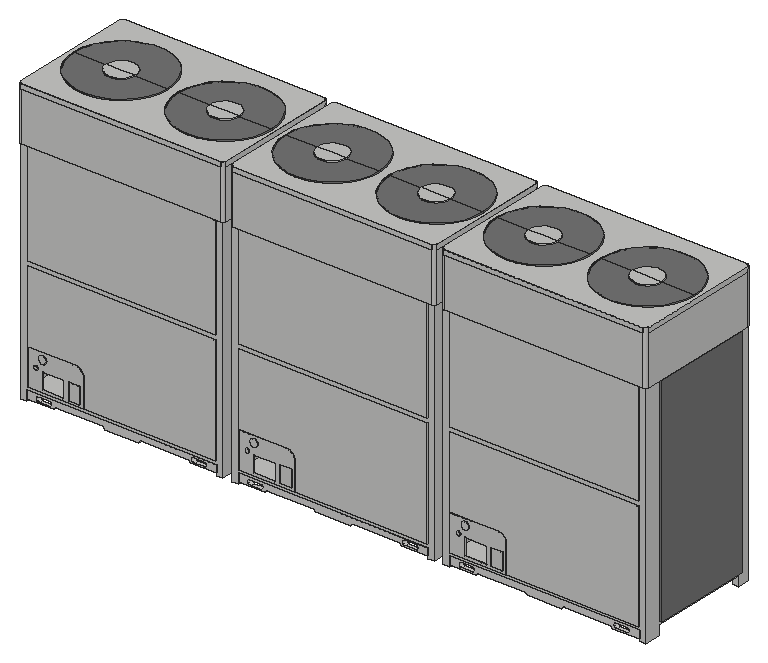
Revit family "Heat_Pump-Split_System-Outdoor-JCI-Triple_Unit-32-36 _ton", category Mechanical Equipment, Revit 2014 (continued)
Definition of nested family "Heat_Pump-Split_System-Outdoor-JCI-Single_Unit-6-16 _ton to be nested"
  Dimensions and locks (in)
    equal spacing: plane 23 "right leg inside", plane 43, plane 42, plane 41, plane 40, plane 27
    equal spacing: plane 26, plane 47, plane 46, plane 45, plane 44, plane 22 "left leg inside"
    equal spacing: plane 15 "back leg inside", plane 48, plane 49, plane 28
    equal spacing: plane 14 "front leg inside", plane 50, plane 51, plane 52, plane 15 "back leg inside"
    equal spacing: Masking region 8 sketch curve, plane 1 "Center (Front/Back)", Masking region 8 sketch curve
    "Shroud Diameter": Masking region 8 sketch curve to Masking region 8 sketch curve
    "KO Y Offset": plane 53 "ko mech y cl" to plane 7 "Front"
    "KO Z Offset": plane 54 "ko z cl" to plane 10 "Bottom"
    "Length 10": curve 78 to curve 78
    "KO Height": Extrusion 12 sketch curve to Extrusion 12 sketch curve
    "KO 2 Width": Extrusion 12 sketch curve to Extrusion 12 sketch curve
    "KO 2 X Offset": Extrusion 12 sketch curve to curve 78
    "KO 1 Width": Extrusion 12 sketch curve to Extrusion 12 sketch curve
    "KO 1 X Offset": Extrusion 12 sketch curve to curve 78
    locked: Extrusion 8 sketch curve to Extrusion 8 sketch curve at 1
    "Length 11": curve 79 to curve 79
    "Length 12": plane 55 "ko power y cl" to plane 59 "front dummy"
    "KO Controls X Offset": Extrusion 13 sketch curve to plane 18 "body left"
    locked: Extrusion 13 sketch curve to plane 10 "Bottom" at 7.8125
    locked: plane 56 "dummy" to plane 10 "Bottom" at 9.9375
    "KO 2 Width": curve 88 to curve 86
    "KO 2 X Offset": curve 88 to plane 18 "body left"
    "KO 1 Width": curve 84 to curve 82
    "KO Height": curve 85 to curve 87
    locked: curve 87 to plane 10 "Bottom" at 3.59375
    "KO 1 X Offset": curve 84 to plane 18 "body left"
    "Fan 1 X Offset": plane 29 "fan 1 x cl" to plane 3 "Center (Left/Right)"
    "Fan 2 X Offset": plane 3 "Center (Left/Right)" to plane 30 "fan 2 x cl"
    "Length 3": plane 23 "right leg inside" to plane 58
    "Panel 2 Width": plane 58 to plane 57 "pane 2 left"
    "Length 15": Extrusion 7 sketch curve to plane 58
    "Panel 2 Width": Extrusion 14 sketch curve to Extrusion 14 sketch curve
    equal spacing: Masking region 9 sketch curve, plane 30 "fan 2 x cl", Masking region 9 sketch curve
    "Shroud Diameter": Masking region 9 sketch curve to Masking region 9 sketch curve
    locked: Extrusion 13 sketch curve to plane 10 "Bottom" at 9.9375
    "KO Power X Offset": Extrusion 13 sketch curve to plane 18 "body left"
    locked: Extrusion 12 sketch curve to Extrusion 12 sketch curve at 0.03125  (x3)
    Extrusion 12 sketch curve to Extrusion 12 sketch curve = 1/32"
    "Length 1": radius of Extrusion 1 sketch curve  (x4)
    radius of Extrusion 5 sketch curve = 5/8"
    "Shroud Radius": radius of Extrusion 9 sketch curve  (x2)
    radius of Extrusion 7 sketch curve = 2"
    radius of Extrusion 7 sketch curve = 2 1/16"
    "KO Controls Radius": radius of Extrusion 13 sketch curve
    "KO Power Radius": radius of Extrusion 13 sketch curve
    "Angle 1": angle curve 78 to plane 54 "ko z cl"
    "Angle 1": angle plane 10 "Bottom" to curve 79
    aligned and locked: level to plane 2
    aligned and locked: Extrusion 1 to plane 13 "lid bottom"
    aligned and locked: plane 16 "lid top" to Extrusion 1
    aligned and locked: Extrusion 2 sketch curve to Extrusion 2 sketch curve  (x4)
    aligned and locked: plane 8 "lid left" to Extrusion 2 sketch curve
    aligned and locked: Extrusion 2 sketch curve to plane 6 "Back"
    aligned and locked: Extrusion 2 sketch curve to plane 9 "lid right"
    aligned and locked: plane 7 "Front" to Extrusion 2 sketch curve
    aligned and locked: plane 11 "Top" to Extrusion 2
    aligned and locked: Extrusion 2 to plane 17
    aligned and locked: Extrusion 3 sketch curve to plane 10 "Bottom"  (x2)
    aligned and locked: plane 14 "front leg inside" to Extrusion 3 sketch curve
    aligned and locked: Extrusion 3 sketch curve to plane 21 "body front"
    aligned and locked: plane 13 "lid bottom" to Extrusion 3 sketch curve
    aligned and locked: plane 20 "body back" to Extrusion 3 sketch curve
    aligned and locked: Extrusion 3 sketch curve to plane 15 "back leg inside"
    aligned and locked: Extrusion 3 sketch curve to plane 12 "base top"
    aligned and locked: Extrusion 3 to plane 18 "body left"
    aligned and locked: plane 19 "body right" to Extrusion 3
    aligned and locked: Extrusion 4 sketch curve to plane 23 "right leg inside"
    aligned and locked: plane 22 "left leg inside" to Extrusion 4 sketch curve
    aligned and locked: Extrusion 4 sketch curve to plane 6 "Back"
    aligned and locked: plane 7 "Front" to Extrusion 4 sketch curve
    aligned and locked: plane 12 "base top" to Extrusion 4
    aligned and locked: Extrusion 4 to plane 10 "Bottom"
    aligned and locked: Extrusion 5 sketch curve to plane 12 "base top"
    aligned and locked: Extrusion 5 sketch curve to plane 22 "left leg inside"
    aligned and locked: Extrusion 5 sketch curve to Extrusion 5 sketch curve  (x2)
    aligned and locked: Extrusion 6 sketch curve to Extrusion 5  (x15)
    aligned and locked: Extrusion 7 sketch curve to Extrusion 7 sketch curve  (x2)
    aligned and locked: Extrusion 7 sketch curve to plane 13 "lid bottom"
    aligned and locked: Extrusion 7 sketch curve to plane 24 "panel bottom"
    aligned and locked: plane 21 "body front" to Extrusion 7
    aligned and locked: plane 25 "panel front" to Extrusion 7
    aligned and locked: plane 5 "Right" to Extrusion 8 sketch curve
    aligned and locked: Extrusion 8 sketch curve to plane 14 "front leg inside"
    aligned and locked: plane 28 to Extrusion 8 sketch curve
    aligned and locked: Extrusion 8 sketch curve to plane 4 "Left"
    aligned and locked: plane 13 "lid bottom" to Extrusion 8
    aligned and locked: plane 24 "panel bottom" to Extrusion 8
    aligned and locked: Extrusion 8 sketch curve to plane 26
    aligned and locked: plane 27 to Extrusion 8 sketch curve
    aligned and locked: Extrusion 8 sketch curve to plane 6 "Back"  (x2)
    aligned and locked: Extrusion 8 sketch curve to plane 15 "back leg inside"  (x2)
    aligned and locked: Extrusion 8 sketch curve to plane 23 "right leg inside"
    aligned and locked: plane 15 "back leg inside" to Extrusion 8 sketch curve
    aligned and locked: Extrusion 8 sketch curve to plane 22 "left leg inside"
    aligned and locked: plane 29 "fan 1 x cl" to nested 1
    aligned and locked: plane 29 "fan 1 x cl" to Extrusion 9 sketch curve
    aligned and locked: plane 1 "Center (Front/Back)" to Extrusion 9 sketch curve  (x2)
    aligned and locked: plane 30 "fan 2 x cl" to Extrusion 9 sketch curve
    aligned and locked: Extrusion 9 to plane 11 "Top"
    aligned and locked: Extrusion 9 to plane 17
    aligned and locked: plane 1 "Center (Front/Back)" to nested 1
    aligned and locked: plane 30 "fan 2 x cl" to nested 2
    aligned and locked: plane 1 "Center (Front/Back)" to nested 2
    aligned and locked: plane 7 "Front" to Extrusion 10 sketch curve
    aligned and locked: Extrusion 10 sketch curve to plane 5 "Right"
    aligned and locked: Extrusion 10 sketch curve to plane 6 "Back"
    aligned and locked: plane 4 "Left" to Extrusion 10 sketch curve
    aligned and locked: plane 31 "fan top" to Extrusion 10
    aligned and locked: Extrusion 10 to plane 10 "Bottom"
    aligned and locked: Extrusion 7 sketch curve to plane 32 "detail panel right"
    aligned and locked: plane 33 "detail panel top" to Extrusion 7 sketch curve
    aligned and locked: Masking region 1 sketch curve to Extrusion 10  (x4)
    aligned and locked: plane 8 "lid left" to Masking region 2 sketch curve  (x2)
    aligned and locked: Masking region 2 sketch curve to cut or joined group of Extrusion 2, Extrusion 9  (x4)
    aligned and locked: Masking region 2 sketch curve to cut or joined group of Extrusion 1, Extrusion 9  (x4)
    aligned and locked: cut or joined group of Extrusion 2, Extrusion 9 to Masking region 2 sketch curve  (x4)
    aligned and locked: plane 7 "Front" to Masking region 2 sketch curve
    aligned and locked: Masking region 2 sketch curve to plane 28
    aligned and locked: plane 4 "Left" to Masking region 2 sketch curve
    aligned and locked: Masking region 2 sketch curve to plane 15 "back leg inside"  (x2)
    aligned and locked: Masking region 2 sketch curve to plane 6 "Back"
    aligned and locked: Masking region 2 sketch curve to plane 5 "Right"
    aligned and locked: plane 14 "front leg inside" to Masking region 2 sketch curve
    aligned and locked: Masking region 2 sketch curve to plane 9 "lid right"
    aligned and locked: curve 1 to Masking region 2  (x2)
    aligned and locked: Masking region 2 to curve 2
    aligned and locked: curve 2 to Masking region 2  (x2)
    aligned and locked: Masking region 2 to curve 1
    aligned and locked: Masking region 3 sketch curve to plane 31 "fan top"
    aligned and locked: plane 4 "Left" to Masking region 3 sketch curve
    aligned and locked: Masking region 3 sketch curve to plane 5 "Right"
    aligned and locked: plane 10 "Bottom" to Masking region 3 sketch curve
    aligned and locked: Masking region 4 sketch curve to plane 11 "Top"
    aligned and locked: cut or joined group of Extrusion 1, Extrusion 9 to Masking region 4 sketch curve
    aligned and locked: plane 13 "lid bottom" to Masking region 4 sketch curve
    aligned and locked: Masking region 4 sketch curve to plane 4 "Left"
    aligned and locked: Masking region 4 sketch curve to plane 18 "body left"
    aligned and locked: Masking region 4 sketch curve to plane 24 "panel bottom"
    aligned and locked: Masking region 4 sketch curve to plane 12 "base top"
    aligned and locked: plane 22 "left leg inside" to Masking region 4 sketch curve
    aligned and locked: Masking region 4 sketch curve to plane 10 "Bottom"  (x2)
    aligned and locked: plane 19 "body right" to Masking region 4 sketch curve
    aligned and locked: Masking region 4 sketch curve to plane 23 "right leg inside"
    aligned and locked: plane 24 "panel bottom" to Masking region 4 sketch curve
    aligned and locked: plane 5 "Right" to Masking region 4 sketch curve
    aligned and locked: Masking region 4 sketch curve to plane 13 "lid bottom"
    aligned and locked: Masking region 4 sketch curve to cut or joined group of Extrusion 1, Extrusion 9
    aligned and locked: Masking region 5 sketch curve to Masking region 5 sketch curve
    aligned and locked: Masking region 5 sketch curve to plane 17
    aligned and locked: Masking region 5 sketch curve to plane 8 "lid left"
    aligned and locked: Masking region 5 sketch curve to plane 11 "Top"  (x2)
    aligned and locked: cut or joined group of Extrusion 2, Extrusion 9 to Masking region 5 sketch curve
    aligned and locked: Masking region 5 sketch curve to plane 16 "lid top"
    aligned and locked: Masking region 5 sketch curve to cut or joined group of Extrusion 2, Extrusion 9  (x3)
    aligned and locked: Masking region 5 sketch curve to plane 31 "fan top"
    aligned and locked: Masking region 5 sketch curve to plane 9 "lid right"
    aligned and locked: plane 17 to Masking region 5 sketch curve
    aligned and locked: plane 16 "lid top" to Masking region 5 sketch curve
    aligned and locked: Masking region 5 sketch curve to Extrusion 5  (x15)
    aligned and locked: Masking region 5 to curve 3  (x2)
    aligned and locked: Masking region 4 to curve 5  (x2)
    aligned and locked: curve 5 to Masking region 4
    aligned and locked: plane 13 "lid bottom" to curve 4
    aligned and locked: curve 4 to plane 18 "body left"
    aligned and locked: curve 6 to plane 19 "body right"
    aligned and locked: Masking region 4 to curve 4
    aligned and locked: curve 6 to Masking region 4
    aligned and locked: curve 7 to Extrusion 7
    aligned and locked: curve 8 to Extrusion 7
    aligned and locked: curve 9 to Extrusion 7
    aligned and locked: curve 11 to Extrusion 7
    aligned and locked: curve 12 to Extrusion 7
    aligned and locked: curve 14 to Extrusion 7
    aligned and locked: curve 15 to Extrusion 7
    aligned and locked: curve 16 to Extrusion 7
    aligned and locked: curve 17 to Extrusion 7
    aligned and locked: curve 19 to Extrusion 7
    aligned and locked: curve 21 to Extrusion 7
    aligned and locked: curve 22 to Extrusion 7
    aligned and locked: curve 31 to curve 28
    aligned and locked: curve 30 to Extrusion 8
    aligned and locked: plane 13 "lid bottom" to curve 32
    aligned and locked: plane 13 "lid bottom" to curve 30
    aligned and locked: plane 13 "lid bottom" to curve 29
    aligned and locked: plane 13 "lid bottom" to curve 27
    aligned and locked: curve 29 to Extrusion 8
    aligned and locked: curve 32 to Extrusion 8
    aligned and locked: curve 38 to plane 39
    aligned and locked: curve 37 to plane 38
    aligned and locked: curve 36 to plane 37
    aligned and locked: curve 35 to plane 36
    aligned and locked: curve 34 to plane 35
    aligned and locked: curve 33 to plane 34
    aligned and locked: plane 27 to curve 38
    aligned and locked: plane 23 "right leg inside" to curve 35
    aligned and locked: curve 39 to plane 40
    aligned and locked: curve 40 to plane 41
    aligned and locked: curve 41 to plane 42
    aligned and locked: curve 42 to plane 43
    aligned and locked: plane 13 "lid bottom" to curve 39
    aligned and locked: plane 13 "lid bottom" to curve 40
    aligned and locked: plane 13 "lid bottom" to curve 41
    aligned and locked: plane 13 "lid bottom" to curve 42
    aligned and locked: plane 24 "panel bottom" to curve 41
    aligned and locked: plane 24 "panel bottom" to curve 42
    aligned and locked: curve 43 to plane 34
    aligned and locked: curve 44 to plane 35
    aligned and locked: curve 45 to plane 36
    aligned and locked: plane 37 to curve 46
    aligned and locked: curve 47 to plane 38
    aligned and locked: curve 48 to plane 39
    aligned and locked: plane 22 "left leg inside" to curve 48
    aligned and locked: plane 22 "left leg inside" to curve 43
    aligned and locked: plane 26 to curve 45
    aligned and locked: curve 50 to plane 45
    aligned and locked: curve 51 to plane 46
    aligned and locked: curve 52 to plane 47
    aligned and locked: plane 24 "panel bottom" to curve 52
    aligned and locked: plane 13 "lid bottom" to curve 49
    aligned and locked: plane 13 "lid bottom" to curve 50
    aligned and locked: plane 13 "lid bottom" to curve 51
    aligned and locked: plane 13 "lid bottom" to curve 52
    aligned and locked: Masking region 6 sketch curve to Extrusion 10  (x4)
    aligned and locked: Masking region 7 sketch curve to Masking region 7 sketch curve
    aligned and locked: plane 13 "lid bottom" to Masking region 7 sketch curve
    aligned and locked: Masking region 7 sketch curve to plane 6 "Back"
    aligned and locked: Masking region 7 sketch curve to cut or joined group of Extrusion 1, Extrusion 9  (x2)
    aligned and locked: Masking region 7 sketch curve to plane 11 "Top"
    aligned and locked: Masking region 7 sketch curve to plane 15 "back leg inside"
    aligned and locked: plane 10 "Bottom" to Masking region 7 sketch curve  (x2)
    aligned and locked: Masking region 7 sketch curve to plane 12 "base top"
    aligned and locked: plane 14 "front leg inside" to Masking region 7 sketch curve
    aligned and locked: plane 21 "body front" to Masking region 7 sketch curve
    aligned and locked: Masking region 7 to curve 53
    aligned and locked: curve 53 to Masking region 7
    aligned and locked: plane 20 "body back" to Masking region 7 sketch curve
    aligned and locked: plane 24 "panel bottom" to Masking region 7 sketch curve
    aligned and locked: plane 13 "lid bottom" to curve 54
    aligned and locked: plane 20 "body back" to curve 54
    aligned and locked: plane 24 "panel bottom" to curve 54
    aligned and locked: curve 56 to plane 24 "panel bottom"
    aligned and locked: curve 58 to plane 48
    aligned and locked: curve 59 to plane 49
    aligned and locked: curve 56 to curve 58
    aligned and locked: plane 13 "lid bottom" to curve 59
    aligned and locked: plane 13 "lid bottom" to curve 58
    aligned and locked: curve 60 to plane 34
    aligned and locked: curve 61 to plane 35
    aligned and locked: curve 62 to plane 36
    aligned and locked: curve 63 to plane 37
    aligned and locked: curve 64 to plane 38
    aligned and locked: curve 65 to plane 39
    aligned and locked: plane 15 "back leg inside" to curve 60
    aligned and locked: plane 15 "back leg inside" to curve 65
    aligned and locked: plane 28 to curve 63
    aligned and locked: plane 28 to curve 64
    aligned and locked: plane 15 "back leg inside" to curve 67
    aligned and locked: plane 13 "lid bottom" to curve 66
    aligned and locked: curve 73 to plane 34
    aligned and locked: curve 72 to plane 35
    aligned and locked: curve 71 to plane 36
    aligned and locked: curve 70 to plane 37
    aligned and locked: curve 69 to plane 38
    aligned and locked: curve 68 to plane 39
    aligned and locked: plane 14 "front leg inside" to curve 69
    aligned and locked: plane 14 "front leg inside" to curve 68
    aligned and locked: plane 15 "back leg inside" to curve 73
    aligned and locked: plane 15 "back leg inside" to curve 72
    aligned and locked: plane 15 "back leg inside" to curve 71
    aligned and locked: plane 15 "back leg inside" to curve 70
    aligned and locked: plane 15 "back leg inside" to curve 69
    aligned and locked: plane 15 "back leg inside" to curve 68
    aligned and locked: curve 74 to plane 50
    aligned and locked: curve 75 to plane 51
    aligned and locked: curve 76 to plane 52
    aligned and locked: plane 24 "panel bottom" to curve 76
    aligned and locked: plane 24 "panel bottom" to curve 75
    aligned and locked: plane 13 "lid bottom" to curve 76
    aligned and locked: plane 13 "lid bottom" to curve 75
    aligned and locked: plane 13 "lid bottom" to curve 74
    aligned and locked: Masking region 8 sketch curve to Extrusion 7  (x2)
    aligned and locked: Masking region 8 sketch curve to plane 7 "Front"
    aligned and locked: Masking region 8 sketch curve to plane 17  (x2)
    aligned and locked: Masking region 8 sketch curve to plane 11 "Top"
    aligned and locked: Masking region 8 sketch curve to plane 31 "fan top"
    aligned and locked: Masking region 8 sketch curve to plane 16 "lid top"
    aligned and locked: Masking region 8 sketch curve to Masking region 7
    aligned and locked: cut or joined group of Extrusion 2, Extrusion 9 to Masking region 8 sketch curve
    aligned and locked: plane 11 "Top" to Masking region 8 sketch curve
    aligned and locked: plane 16 "lid top" to Masking region 8 sketch curve
    aligned and locked: Masking region 7 to Masking region 8 sketch curve
    aligned and locked: plane 17 to Masking region 8 sketch curve
    aligned and locked: Masking region 8 sketch curve to Extrusion 10
    aligned and locked: Masking region 8 sketch curve to cut or joined group of Extrusion 2, Extrusion 9
    aligned and locked: Masking region 8 to curve 77
    aligned and locked: curve 77 to Masking region 8  (x2)
    aligned and locked: Extrusion 11 sketch curve to plane 32 "detail panel right"
    aligned and locked: plane 33 "detail panel top" to Extrusion 11 sketch curve
    aligned and locked: Extrusion 11 to plane 28
    aligned and locked: Extrusion 11 to plane 21 "body front"
    aligned and locked: plane 54 "ko z cl" to curve 78
    aligned and locked: plane 53 "ko mech y cl" to curve 78
    aligned and locked: Extrusion 12 sketch curve to curve 78  (x2)
    aligned and locked: Extrusion 12 sketch curve to Extrusion 12 sketch curve
    aligned and locked: Extrusion 11 sketch curve to plane 24 "panel bottom"
    aligned and locked: Extrusion 8 sketch curve to plane 3 "Center (Left/Right)"
    aligned and locked: plane 10 "Bottom" to curve 79
    aligned and locked: plane 55 "ko power y cl" to curve 79
    aligned and locked: Extrusion 11 sketch curve to cut or joined group of Extrusion 7, Extrusion 12
    aligned and locked: curve 80 to Extrusion 13
    aligned and locked: curve 81 to curve 85
    aligned and locked: curve 87 to curve 83
    aligned and locked: Extrusion 14 sketch curve to plane 13 "lid bottom"
    aligned and locked: Extrusion 14 sketch curve to plane 24 "panel bottom"
    aligned and locked: Extrusion 14 sketch curve to plane 58
    aligned and locked: Masking region 9 sketch curve to plane 31 "fan top"
    aligned and locked: Masking region 9 sketch curve to plane 11 "Top"
    aligned and locked: curve 20 to cut or joined group of Extrusion 7, Extrusion 12
    aligned and locked: curve 13 to cut or joined group of Extrusion 7, Extrusion 12
    aligned and locked: curve 24 to Extrusion 14
    aligned and locked: curve 89 to Extrusion 13
    aligned and locked: plane 59 "front dummy" to plane 7 "Front"
    aligned and locked: curve 3 to Masking region 5
  Automatic sketch dimensions
    plane 8 "lid left" to Extrusion 2 sketch curve = 0.12868"
    Extrusion 2 sketch curve to Extrusion 2 sketch curve = 0.063"  (x5)
    Extrusion 2 sketch curve to Extrusion 2 sketch curve = 0.62182"
    Extrusion 2 sketch curve to plane 9 "lid right" = 0.12868"
    Extrusion 2 sketch curve to Extrusion 2 sketch curve = 0.12868"  (x2)
    plane 7 "Front" to Extrusion 2 sketch curve = 0.12868"
    Extrusion 2 sketch curve to Extrusion 2 sketch curve = 0.55882"
    Extrusion 5 sketch curve to plane 23 "right leg inside" = 0"
    Extrusion 5 sketch curve to Extrusion 5 sketch curve = 1/2"  (x4)
    Extrusion 5 sketch curve to Extrusion 5 sketch curve = 5/8"
    Extrusion 6 sketch curve to Extrusion 6 sketch curve = 29/32"
    Extrusion 6 sketch curve to Extrusion 6 sketch curve = 1 13/32"
    Extrusion 7 sketch curve to plane 24 "panel bottom" = 0"
    plane 22 "left leg inside" to Extrusion 7 sketch curve = 5/32"
    Masking region 2 sketch curve to plane 9 "lid right" = 0"
    plane 44 to curve 49 = 0"
    plane 7 "Front" to curve 53 = 0.063"
    curve 55 to plane 13 "lid bottom" = 0"
    curve 57 to plane 13 "lid bottom" = 0"
    Extrusion 8 sketch curve to plane 22 "left leg inside" = 0.29229"
    Masking region 5 sketch curve to Masking region 5 sketch curve = 2 3/8"
    curve 25 to plane 24 "panel bottom" = 0"
    curve 23 to plane 13 "lid bottom" = 0"
    curve 26 to plane 23 "right leg inside" = 5/32"
    plane 24 "panel bottom" to Masking region 8 sketch curve = 0"
    Masking region 8 sketch curve to plane 13 "lid bottom" = 0"
  Nested families (in)
    nested 1: "JCI - Fan to be nested" at (0, 0, 65.25), built-in parameter 1001364 <- "Length 4", type "Standard"
    nested 2: "JCI - Fan to be nested" at (38.375, 0, 65.25), built-in parameter 1001364 <- "Length 4", visible <- "Visibility 1", type "Standard"
  Definition of nested family "JCI - Fan to be nested"
    Parameters (values of type "Standard")
      Shroud Radius = Shroud Diameter / 2  # 14 3/8"
      Shroud Material = Metal - JCI - Grille SU
      Shroud Height = 1 1/4"
      Shroud Diameter = 28 3/4"
      Shroud Cap Radius = Shroud Cap Diameter / 2  # 3 3/8"
      Offset = 0"
      Length 3 = (Shroud Radius - Shroud Cap Radius) * 3 / 3  # 11"
      Length 2 = (Shroud Radius - Shroud Cap Radius) * 2 / 3  # 7.33333"
      Length 1 = (Shroud Radius - Shroud Cap Radius) * 1 / 3  # 3.66667"
      Fan Radius = Fan Diameter / 2  # 13 21/32"
      Fan Material = Image - JCI - Fan
      Fan Diameter = Shroud Diameter * 0.95  # 27 5/16"
      Shroud Cap Diameter = 6 3/4"
      Cap Material = Paint - JCI - Silky Shade SU
    Reference planes (in)
      plane 1 "Center (Front/Back)": y = 0
      plane 2: z = 0
      plane 3 "Center (Left/Right)": x = 0
      plane 4 "Bottom": z = 0
      plane 5 "Top": z = 1.25
      plane 6 "fan top": z = 0.125
    Forms (in)
      Extrusion 1, solid, material "Image - JCI - Fan" <- "Fan Material", detail levels medium+fine
        sketch origin (0, 0, 0) x (1, 0, 0) y (0, 1, 0)
          loop
            circle (0, 0) r 13.65625
        from 0 to 0.125
      Revolve 2, solid, material "Metal - JCI - Grille SU" <- "Shroud Material", detail levels fine
        sketch origin (0, 0, 0) x (1, 0, 0) y (0, 0, 1)
          loop
            line (0, 1.25) -> (-3.375, 1.25) -> (-3.375, 1.125) -> (-14.375, 1.125) -> (-14.375, 0) -> (-14.275, 0) -> (-14.275, 1.025) -> (-0.15, 1.025) -> (-0.15, 0.125) -> (0, 0.125) -> (0, 1.25)
          axis (0, 1.25) -> (0, 0)
        angle from 0 to 360
    Lines and regions (in)
      symbolic lines, detail levels fine
        curve 1: circle (0, 0, 0) r 3.375 normal (0, 0, 1)
        curve 2: circle (0, 0, 0) r 3.66667 normal (0, 0, 1)
        curve 3: circle (0, 0, 0) r 7.33333 normal (0, 0, 1)
        curve 5: circle (0, 0, 0) r 11 normal (0, 0, 1)
        curve 6: line (-3.375, 0, 0) -> (-14.375, 0, 0)
        curve 7: line (0, -3.375, 0) -> (0, -14.375, 0)
        curve 8: line (3.375, 0, 0) -> (14.375, 0, 0)
        curve 9: line (0, 3.375, 0) -> (0, 14.375, 0)
        curve 10: line (-2.38649, 2.38649, 0) -> (-10.16466, 10.16466, 0)
        curve 11: line (2.38649, 2.38649, 0) -> (10.16466, 10.16466, 0)
        curve 12: line (-2.38649, -2.38649, 0) -> (-10.16466, -10.16466, 0)
        curve 13: line (2.38649, -2.38649, 0) -> (10.16466, -10.16466, 0)
      symbolic lines, detail levels medium+fine
        curve 4: circle (0, 0, 0) r 14.375 normal (0, 0, 1)
    Dimensions and locks (in)
      "Shroud Height": plane 5 "Top" to plane 4 "Bottom"
      plane 4 "Bottom" to level = 0"
      locked: plane 6 "fan top" to plane 4 "Bottom" at 0.125
      "Shroud Radius": Revolve 2 sketch curve to Revolve 2 sketch curve
      locked: plane 5 "Top" to Revolve 2 sketch curve at 0.125
      "Shroud Cap Radius": Revolve 2 sketch curve to Revolve 2 sketch curve
      locked: Revolve 2 sketch curve to Revolve 2 sketch curve at 0.1
      locked: Revolve 2 sketch curve to Revolve 2 sketch curve at 0.15
      "Fan Radius": radius of Extrusion 1 sketch curve
      "Shroud Cap Radius": radius of curve 1
      "Shroud Radius": radius of curve 4
      "Length 1": radius of curve 2
      "Length 2": radius of curve 3
      "Length 3": radius of curve 5
      locked: curve 13 to plane 1 "Center (Front/Back)" (angle 45.00°)
      locked: plane 1 "Center (Front/Back)" to curve 11 (angle 45.00°)
      locked: curve 10 to plane 1 "Center (Front/Back)" (angle 45.00°)
      locked: plane 1 "Center (Front/Back)" to curve 12 (angle 45.00°)
      aligned and locked: plane 2 to level
      aligned and locked: plane 3 "Center (Left/Right)" to Extrusion 1 sketch curve
      aligned and locked: plane 1 "Center (Front/Back)" to Extrusion 1 sketch curve
      aligned and locked: Extrusion 1 to plane 4 "Bottom"
      aligned and locked: Extrusion 1 to plane 6 "fan top"
      aligned and locked: Revolve 2 sketch curve to plane 3 "Center (Left/Right)"
      aligned and locked: Revolve 2 sketch curve to Revolve 2 sketch curve
      aligned and locked: Revolve 2 sketch curve to plane 5 "Top"
      aligned and locked: plane 4 "Bottom" to Revolve 2 sketch curve
      aligned and locked: Revolve 2 sketch curve to plane 6 "fan top"
      aligned and locked: plane 3 "Center (Left/Right)" to curve 1
      aligned and locked: plane 1 "Center (Front/Back)" to curve 1
      aligned and locked: plane 3 "Center (Left/Right)" to curve 4
      aligned and locked: plane 1 "Center (Front/Back)" to curve 4
      aligned and locked: plane 3 "Center (Left/Right)" to curve 2
      aligned and locked: plane 1 "Center (Front/Back)" to curve 2
      aligned and locked: plane 3 "Center (Left/Right)" to curve 3
      aligned and locked: plane 1 "Center (Front/Back)" to curve 3
      aligned and locked: plane 3 "Center (Left/Right)" to curve 5
      aligned and locked: plane 1 "Center (Front/Back)" to curve 5
    Automatic sketch dimensions
      Revolve 2 sketch curve to Revolve 2 sketch curve = 0.1"
      Revolve 2 sketch curve to level = 7.65209"
      Revolve 2 sketch curve to Revolve 2 sketch curve = 5.34791"
      curve 7 to plane 3 "Center (Left/Right)" = 0"
      curve 9 to plane 3 "Center (Left/Right)" = 0"
      plane 1 "Center (Front/Back)" to curve 8 = 0"
      plane 1 "Center (Front/Back)" to curve 6 = 0"
      curve 10 to plane 1 "Center (Front/Back)" = 2.38649"
      plane 1 "Center (Front/Back)" to curve 12 = 2.38649"
      curve 11 to plane 1 "Center (Front/Back)" = 2.38649"
      plane 1 "Center (Front/Back)" to curve 13 = 2.38649"
